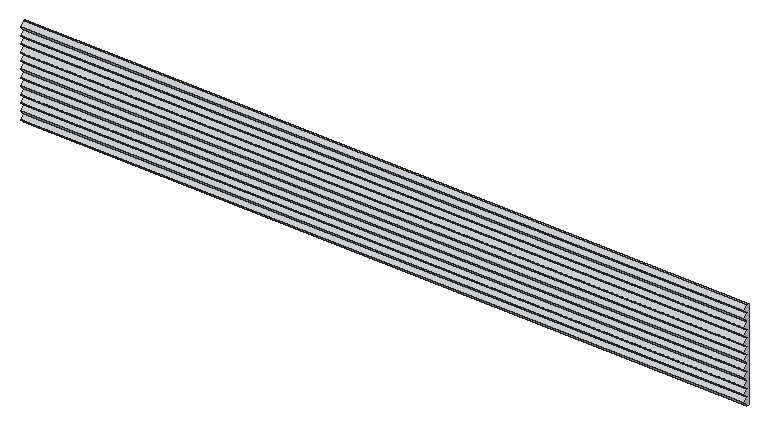
Revit family "OracDecor_W108", category Обобщенные модели, Revit 2019
Family settings
  Может служить основой для арматурных стержней = Нет
  Размер круглого соединителя = Использовать диаметр
  Тип детали = Нормальный
  На основе рабочей плоскости = Нет
  Всегда вертикально = Да
  При загрузке вырезать с полостями = Нет
  Общий = Нет
  Точка расчета площади = Нет
Parameters
  Изготовитель = "Family from POCHERTEAM"  # constant formula
  URL = "t.me/pocherteam"
Reference planes
  plane 1 "По центру (Вперед/Назад)": y = 0
  plane 2: z = 0
  plane 3 "По центру (Влево/Вправо)": x = 0
Forms (mm)
  Extrusion 1, solid
    sketch origin (0, 0, 0) x (0, 1, 0) y (0, 0, 1)
      loop
        line (0, 0) -> (0, 250) -> (-5.785, 250) -> (-16.2, 239.585) -> (-5.785, 229.17) -> (-16.2, 218.755) -> (-5.785, 208.34) -> (-16.2, 197.925) -> (-5.785, 187.51) -> (-16.2, 177.095) -> (-5.785, 166.68) -> (-16.2, 156.265) -> (-5.785, 145.85) -> (-16.2, 135.435) -> (-5.785, 125.02) -> (-16.2, 114.605) -> (-5.785, 104.19) -> (-16.2, 93.775) -> (-5.785, 83.36) -> (-16.2, 72.945) -> (-5.785, 62.53) -> (-16.2, 52.115) -> (-5.785, 41.7) -> (-16.2, 31.285) -> (-5.765, 20.87) -> (-16.2, 10.435) -> (-5.765, 0) -> (0, 0)
    from 0 to 2000
Dimensions and locks
  Extrusion 1 to plane 3 "По центру (Влево/Вправо)" = 2000 mm
  Extrusion 1 to level = 250 mm
  plane 1 "По центру (Вперед/Назад)" to Extrusion 1 = 16.2 mm
  aligned and locked: level to plane 2
